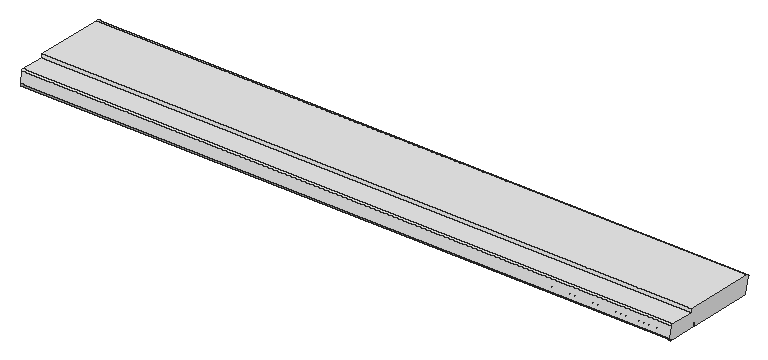
Revit family "13-MOULDING-CADS-167-PSCDOUBLEHUNGSILL-4-REVIT_Versatex-Generic-Model-DOUBLE-HUNG-SILL", category Generic Models, host Face, Revit 2026
Family settings
  Host = Face
  Can host rebar = No
  Round Connector Dimension = Use Diameter
  Part Type = Normal
  Cut with Voids When Loaded = No
  Maintain Annotation Orientation = No
  Shared = No
  Room Calculation Point = No
Parameters
  Model = "PSCDOUBLEHUNGSILL"
  Length = 4' - 0"
  Warranty = "https://versatex.com/warranty/"
  URL = "https://versatex.com/"
  Specification = "https://www.arcat.com/company/versatex-45716/spec?coid=45716"
  Sales Information = "https://versatex.com/dealer-locator/"
  Message Manufacturer = "https://versatex.com/contact/"
  Material = Versatex PVC - Smooth
  Manufacturer Website = "https://versatex.com/"
  Manufacturer Phone = "724-857-1111"
  Manufacturer Fax = "724-857-1171"
  Manufacturer Address = "400 Steel Street, Aliquippa, PA 15001"
  Manufacturer = "Versatex"
  Literature = "https://versatex.com/literature/?_sft_literature_category=cads"
  Description = "DOUBLE HUNG SILL"
  Default Elevation = 4' - 0"
  Copyright = "© 2024 VERSATEX Building Products, LLC"
Reference planes (in)
  plane 1 "Center (Front/Back)": y = 0
  plane 2: z = 0
  plane 3 "Center (Left/Right)": x = 0
  plane 4: x = 24
  plane 5: x = -24
Forms (in)
  Sweep 1, solid, material "Versatex PVC - Smooth" <- "Material"
    path origin (0, 0, 0) x (1, 0, 0) y (0, 1, 0)
      loop
        line (-24, 0) -> (24, 0)
    profile "Versatex_Profile_DOUBLE HUNG SILL : Versatex_Profile_DOUBLE HUNG SILL" origin (0, 0, 0) x (0, 1, 0) y (0, 0, 1)
      loop
        line (-0.13089, 1.24833) -> (-5.18089, 1.24667) -> (-5.23922, 1.02833) -> (-6.96922, 1.02833)
        arc (-6.96922, 1.02833) -> (-7.02016, 1.01123) -> (-7.04755, 0.965) r 0.07708
        line (-7.04755, 0.965) -> (-7.20755, 0.18)
        arc (-7.20755, 0.18) -> (-7.17679, 0.05532) -> (-7.06089, 0) r 0.15018
        line (-7.06089, 0) -> (-6.69255, 0) -> (-6.69255, 0.03098)
        arc (-6.69255, 0.03098) -> (-6.64839, 0.07514) -> (-6.60422, 0.03098) r 0.04417
        line (-6.60422, 0.03098) -> (-6.60422, 0) -> (-5.10589, 0) -> (-5.08589, 0.24833) -> (-4.92422, 0.24833) -> (-4.90422, 0) -> (-0.30255, 0) -> (-0.00589, 1.08333)
        arc (-0.00589, 1.08333) -> (-0.02574, 1.19814) -> (-0.13089, 1.24833) r 0.12687
Dimensions and locks (in)
  "Length": plane 5 to plane 4
  equal spacing: plane 5, plane 3 "Center (Left/Right)", plane 4, locked at 24 each
  aligned and locked: plane 2 to host face
  aligned and locked: level to host face
Automatic sketch dimensions
  host sketch curve to host sketch curve = 8' - 0"  (x2)
  plane 1 "Center (Front/Back)" to Sweep 1 sketch curve = 0' - 0"
  Sweep 1 sketch curve to plane 5 = 0' - 0"
  Sweep 1 sketch curve to plane 4 = 0' - 0"
